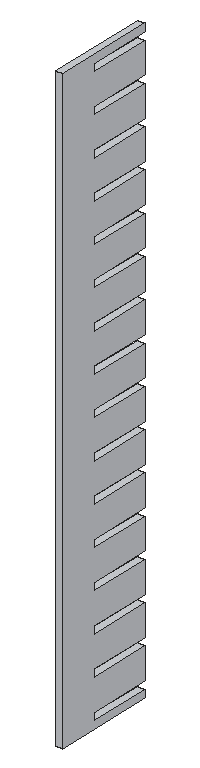
Revit family "CP2e", category Modelos genéricos, Revit 2022
Family settings
  Puede alojar armadura = No
  Cota de conector redondo = Diámetro de uso
  Tipo de pieza = Normal
  Se basa en plano de trabajo = No
  Siempre vertical = Sí
  Corte con vacíos al cargar = No
  Mantener orientación de anotación = No
  Compartido = No
  Punto de cálculo de habitación = No
Parameters
  Espesor = 50 mm
  Elevación por defecto = 0 mm
Reference planes
  plane 1 "Centro (Frontal/Posterior)": y = 0
  plane 2: z = 0
  plane 3 "Centro (Izquierda/Derecha)": x = 134
  plane 4: y = 670
  plane 5: y = 670
  plane 6: y = 510
  plane 7: y = 320
  plane 8: y = 360
  plane 9: y = 535
  plane 10: y = 300
  plane 11: y = 250
Forms (mm)
  Extrusion 1, solid
    sketch origin (1534, 0, -1816) x (0, 0, -1) y (0, 1, 0)
      loop
        line (-3816, 0) -> (134, 0) -> (134, 670) -> (84, 670) -> (84, 250) -> (34, 250) -> (34, 670) -> (-169.333, 670) -> (-169.333, 250) -> (-219.333, 250) -> (-219.333, 670) -> (-422.667, 670) -> (-422.667, 250) -> (-472.667, 250) -> (-472.667, 670) -> (-676, 670) -> (-676, 250) -> (-726, 250) -> (-726, 670) -> (-929.333, 670) -> (-929.333, 250) -> (-979.333, 250) -> (-979.333, 670) -> (-1182.667, 670) -> (-1182.667, 250) -> (-1232.667, 250) -> (-1232.667, 670) -> (-1436, 670) -> (-1436, 250) -> (-1486, 250) -> (-1486, 670) -> (-1689.333, 670) -> (-1689.333, 250) -> (-1739.333, 250) -> (-1739.333, 670) -> (-1942.667, 670) -> (-1942.667, 250) -> (-1992.667, 250) -> (-1992.667, 670) -> (-2196, 670) -> (-2196, 250) -> (-2246, 250) -> (-2246, 670) -> (-2449.333, 670) -> (-2449.333, 250) -> (-2499.333, 250) -> (-2499.333, 670) -> (-2702.667, 670) -> (-2702.667, 250) -> (-2752.667, 250) -> (-2752.667, 670) -> (-2956, 670) -> (-2956, 250) -> (-3006, 250) -> (-3006, 670) -> (-3209.333, 670) -> (-3209.333, 250) -> (-3259.333, 250) -> (-3259.333, 670) -> (-3462.667, 670) -> (-3462.667, 250) -> (-3512.667, 250) -> (-3512.667, 670) -> (-3716, 670) -> (-3716, 250) -> (-3766, 250) -> (-3766, 670) -> (-3816, 670) -> (-3816, 0)
    from 0 to 50
Dimensions and locks
  plane 4 to plane 1 "Centro (Frontal/Posterior)" = 670 mm
  plane 5 to plane 9 = 135 mm
  plane 5 to plane 6 = 160 mm
  plane 5 to plane 8 = 310 mm
  plane 5 to plane 7 = 350 mm
  plane 5 to plane 10 = 370 mm
  aligned and locked: level to plane 2
